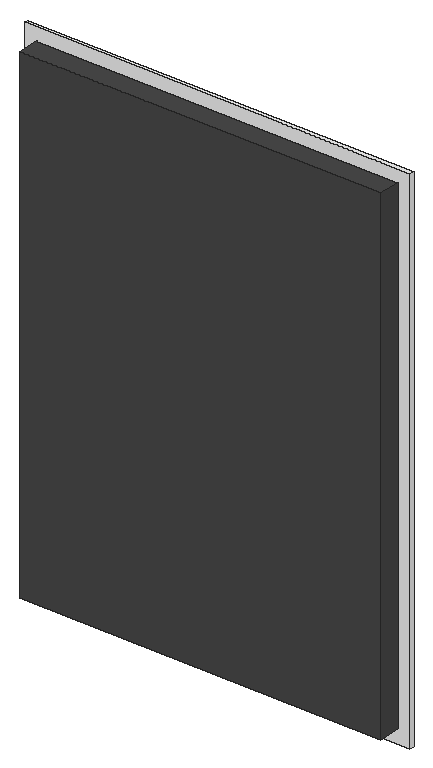
Revit family "3-050X-xx Track Mirror", category Lighting Fixtures, host Wall, Revit 2021
Family settings
  Host = Wall
  Round Connector Dimension = Use Diameter
  Part Type = Normal
  OmniClass Number = 23.80.70.00
  OmniClass Title = Lighting
  Always vertical = Yes
  Cut with Voids When Loaded = No
  Light Source = No
  Shared = No
  Room Calculation Point = No
Parameters (values of type "3-0501-15 / Black")
  Width = 457 mm
  Height = 610 mm
  Diffuser = Ghost Mirror
  Default Elevation = 0 mm
  Wattage Comments = "1 x 78 W at 120 V"
  Voltage Input = "120 V or 277 V - 50/60 Hz"  # constant formula
  Voltage = 120 V
  URL = "www.oxygenlighting.com"
  References = "Ref. 3 = 120 V / Ref. 37 = 277 V"  # constant formula
  Model = "3-050X-xx / Track"  # constant formula
  Metal Finish 1 = 15 - Black
  Manufacturer = "Vanita by Oxygen"  # constant formula
  Lamp = "LED Array"  # constant formula
Types (7, lengths in mm): name | Width | Height | Wattage Comments
  3-0501-15 / Black | 457 | 610 | "1 x 78 W at 120 V"
  3-0503-15 / Black | 914 | 610 | "1 x 124.5 W at 120 V"
  3-0504-15 / Black | 914 | 914 | "1 x 165.1 W at 120 V"
  3-0505-15 / Black | 1219 | 914 | "1 x 170.7 W at 120 V"
  3-0502-15 / Black | 610 | 914 | "1 x 102.7 W at 120 V"
  3-0506-15 / Black | 1219 | 1219 | "1 x 170.7 W at 120 V"
  3-0507-15 / Black | 1524 | 1067 | "1 x 170.7 W at 120 V"
Reference planes
  plane 1: y = 0
  plane 2 "Light Source Axis (L/R)": x = 125
  plane 3 "Light Source Axis (F/R)": y = 160
  plane 4 "Light Source Elevation": z = 700
  plane 5: y = 75
Text (mm)
  text "Placement side" at (-1787.139, 1116.779, 0), in view "Ref. Level"
  text "Placement side" at (0, 2110.396, 2986.058), in view "Left"
  text "Placement side" at (0, 628.478, 3011.967), in view "Right"
Dimensions and locks
  aligned and locked: plane 1 to host wall
  aligned and locked: plane 5 to host wall
  aligned and locked: plane 5 to nested 1
  aligned and locked: nested 1 to plane 2 "Light Source Axis (L/R)"
Nested families
  nested 1: "Family1" at (125, 75, 1005) x (-1, 0, 0) z (0, 0, 1), type "Family1"
    with Width 457 mm, Height 610 mm
Connectors
  electrical at (125, 75, 1005)
    settings: on nested 1, index 1, voltage 0 V, apparent load 0 VA, apparent load phase1 0 VA, apparent load phase2 0 VA, apparent load phase3 0 VA, power factor 1, load classification "Otro", number of poles 1, system type 31, power factor state 1, is connector primary yes, connector utility no, sub classification motor no, connector description ""
Definition of nested family "Family1"
  Parameters (values of type "Family1")
    Width = 551 mm
    Metal Finish 1 = none
    Height = 626 mm
    Diffuser = none
    Default Elevation = 0 mm
  Reference planes
    plane 1 "Center (Front/Back)": y = 0
    plane 2: z = 0
    plane 3 "Center (Left/Right)": x = 0
    plane 4: x = 260.5
    plane 5: x = -260.5
    plane 6: z = 298
    plane 7: z = -298
    plane 8: x = 180.5
    plane 9: z = 218
    plane 10: z = -218
    plane 11: x = -180.5
    plane 12: z = -313
    plane 13: x = -275.5
    plane 14: z = 313
    plane 15: x = 275.5
  Forms (mm)
    Extrusion 1, solid, material <- "Metal Finish 1"
      sketch origin (0, 0, 0) x (1, 0, 0) y (0, 0, 1)
        loop
          line (260.5, 298) -> (-260.5, 298) -> (-260.5, -298) -> (260.5, -298) -> (260.5, 298)
      from 0 to 25.014
    Extrusion 2, solid, material <- "Diffuser"
      sketch origin (0, 0, 0) x (1, 0, 0) y (0, 0, 1)
        loop
          line (-238, -275.5) -> (238, -275.5) -> (238, 275.5) -> (-238, 275.5) -> (-238, -275.5)
        loop
          line (218, 255.5) -> (-218, 255.5) -> (-218, -251) -> (218, -251) -> (218, 255.5)
      from 25.014 to 29.595
    Extrusion 3, solid
      sketch origin (0, 0, 0) x (1, 0, 0) y (0, 0, 1)
        loop
          line (-275.5, -313) -> (275.5, -313) -> (275.5, 313) -> (-275.5, 313) -> (-275.5, -313)
        loop
          line (238, 275.5) -> (-238, 275.5) -> (-238, -275.5) -> (238, -275.5) -> (238, 275.5)
        loop
          line (218, -255.5) -> (218, 255.5) -> (-218, 255.5) -> (-218, -255.5) -> (218, -255.5)
      from 25.014 to 29.595
  Dimensions and locks
    equal spacing: plane 4, plane 3 "Center (Left/Right)", plane 5
    equal spacing: plane 7, level, plane 6
    locked: plane 4 to plane 8 at 80
    locked: plane 5 to plane 11 at 80
    locked: plane 9 to plane 6 at 80
    locked: plane 7 to plane 10 at 80
    locked: plane 14 to plane 6 at 15
    locked: plane 7 to plane 12 at 15
    locked: plane 15 to plane 4 at 15
    locked: plane 13 to plane 5 at 15
    "Height": plane 14 to plane 12
    "Width": plane 13 to plane 15
    locked: plane 15 to Extrusion 3 sketch curve at 37.5
    locked: plane 14 to Extrusion 3 sketch curve at 37.5
    locked: Extrusion 3 sketch curve to plane 12 at 37.5
    plane 13 to Extrusion 3 sketch curve = 37.5 mm
    Extrusion 3 to plane 1 "Center (Front/Back)" = 29.595 mm
    Extrusion 3 to Extrusion 3 = 4.58 mm
    aligned and locked: plane 2 to level
    aligned and locked: Extrusion 1 sketch curve to plane 6
    aligned and locked: plane 7 to Extrusion 1 sketch curve
    aligned and locked: Extrusion 1 sketch curve to plane 5
    aligned and locked: Extrusion 1 sketch curve to plane 4
    aligned and locked: Extrusion 3 sketch curve to plane 15
    aligned and locked: Extrusion 3 sketch curve to plane 14
    aligned and locked: Extrusion 3 sketch curve to plane 13
    aligned and locked: Extrusion 3 sketch curve to plane 12
    aligned and locked: Extrusion 3 to Extrusion 2 sketch curve  (x2)
    aligned and locked: Extrusion 2 sketch curve to Extrusion 3  (x5)
  Automatic sketch dimensions
    Extrusion 3 sketch curve to Extrusion 3 sketch curve = 20 mm  (x4)
    Extrusion 2 sketch curve to Extrusion 2 sketch curve = 24.5 mm
